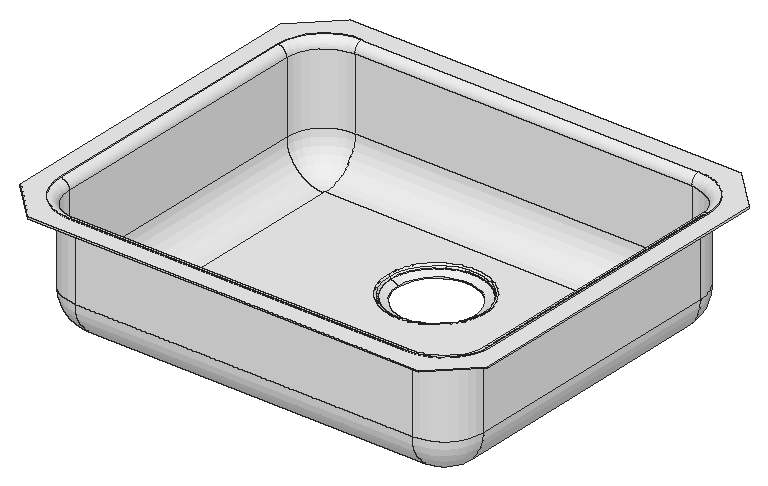
Revit family "ELUHAD191655", category Plumbing Fixtures, Revit 2019
Family settings
  Round Connector Dimension = Use Radius
  Part Type = Normal
  OmniClass Number = 23.45.05.14.14.27
  OmniClass Title = Service Sinks
  Work Plane-Based = No
  Always vertical = Yes
  Cut with Voids When Loaded = No
  Shared = No
  Room Calculation Point = No
Parameters (values of type "ELUHAD191655")
  URL = "www.elkayusa.com"
  Template Included = "Yes"
  Specification Sheet URL = ""
  Sound Deadening = "Bottom only pads"
  Sink Width = 1' - 6 1/2"
  Sink Material = Metal - Steel - Stainless - Chrome
  Sink Length = 1' - 9 1/2"
  Sink Ledge Sides Width = Sink Ledge Corner Width  # 0' - 1 1/4"
  Sink Ledge Front Width = Sink Ledge Corner Width  # 0' - 1 1/4"
  Sink Ledge Corner Width = 0' - 1 1/4"  # constant formula
  Sink Ledge Back Width = Sink Ledge Corner Width  # 0' - 1 1/4"
  Sink Dimensions = "21 1/2 inch x 18-1/2 inch x 5-3/8 inch"
  Sink Depth = 0' - 5 3/8"
  Sanitary Flow Rate = 10 GPM
  OmniClass Title = "Service Sinks"
  OmniClass Code = "23.45.05.14.14.27"
  Number of Bowls = "1"
  Nominal Radius = Nominal Dia / 2  # 0' - 0 3/4"
  Nominal Dia = 0' - 1 1/2"
  Mounting Hardware = "Undermount brackets sold separately"
  Model Number = ""
  Model = "Lustertone Undermount"
  Minimum Cabinet Size = "27 inch"
  Material = "304 Stainless Steel"
  MasterFormat Title = "Commercial Sinks"
  MasterFormat Number = "22.42.16.16"
  Manufacturer = "Elkay Manufacturing"
  Installation Type = "Undermount"
  Gauge = "18"
  Finish = "Lustrous Satin"
  Drain Size = "3-1/2 inch (89mm)"
  Drain Locations = "Rear Center"
  Drain Location = 0' - 5"
  Description = "Lustertone Single Bowl Sink"
  Deep Specification Sheet URL = ""
  Date Created = "10082021"  # constant formula
  Cutout Template # = "1000001424"
  CL Sink to CL Drain = 0' - 0"
  Bowl Width = (Sink Width - Sink Ledge Front Width - Sink Ledge Back Width)  # 1' - 4"
  Bowl Length = Sink Length - Sink Ledge Sides Width - Sink Ledge Sides Width  # 1' - 7"
  Bowl 1 Dimensions = "19 inch x 16 inch x 5-3/8 inch"
  Assembly Code = "D2010410"
Reference planes (in)
  plane 1 "CL Sink Hole": y = 3
  plane 2 "Top": z = 0
  plane 3 "Center (Left/Right)": x = 0
  plane 4 "Basin Edge Left": x = -9.5
  plane 5 "Basin Edge Right": x = 9.5
  plane 6 "Basin Edge Back": y = 8
  plane 7 "Basin Edge Front": y = -8
  plane 8 "Left": x = -10.75
  plane 9 "Right": x = 10.75
  plane 10 "Back": y = 9.25
  plane 11 "Front": y = -9.25
  plane 12 "Sink Angle Right": x = 8.28553
  plane 13 "Sink Angle Back": y = 6.78553
  plane 14 "Sink Angle Left": x = -8.28553
  plane 15 "Sink Angle Front": y = -6.78553
  plane 16 "Edge Radii Right": x = 9.92188
  plane 17 "Edge of Radii Left": x = -9.92187
  plane 18 "Sink Bowl Bottom (Top Face)": z = -5.375
  plane 19 "Sink Top Piece Bottom Face": z = -0.0625
  plane 20 "Top Radius Corner Prot": z = -0.42188
  plane 21: z = -3.6875
  plane 22 "Sink Bowl Bottom (Bottom Face)": z = -5.4375
  plane 23 "Left Sink Bottom Piece Left Edge": x = -7.8125
  plane 24 "Sink Bottom Piece Right Edge": x = 7.8125
  plane 25 "Sink Bottom Piece Back Edge": y = 6.3125
  plane 26 "Sink Bottom Piece Front Edge": y = -6.3125
  plane 27 "Center (Front/Back)": y = 0
  plane 28 "Bowl CL Drain": x = 0
  plane 29 "Edge Radii Front": y = -8.42188
  plane 30 "Right Sink Right Edge Radius": x = 7.75
  plane 31 "Front Edge Bottom Edge Radius": y = -6.25
  plane 32 "Back Edge Bottom Edge Radius": y = 6.25
  plane 33 "Edge Radii Back": y = 8.42187
  plane 34 "Left Bowl Bottom Edge Radius": x = -7.75
  plane 35 "Masking Region": z = 1.25157
  plane 36 "Sink Drain Elev Bottom": z = -6.875
  plane 37 "Sink Drain Elev Top": z = -6.625
  plane 38 "Top Radius Elev - 1-8": z = -0.10938
  plane 39 "Top Radius 1-8 Front": y = -8.10938
  plane 40 "Top Radius 1-8 Left": x = -9.60937
  plane 41 "Top Radius 1-8 Right": x = 9.60938
  plane 42 "Top Radius 1-8 Back": y = 8.10937
  plane 43 "Inside Radius Tangent Right": x = 8.47487
  plane 44 "Inside Radius Tangent Back": y = 6.97487
  plane 45 "Inside Radius Tangent Front": y = -6.97487
  plane 46 "Inside Radius Tangent Left": x = -8.47487
Forms (in)
  Extrusion 1, solid, material "Metal - Steel - Stainless - Chrome" <- "Sink Material"
    sketch origin (0, 0, 0) x (1, 0, 0) y (0, 1, 0)
      loop
        line (10.75, 7.49264) -> (8.99264, 9.25) -> (-8.99264, 9.25) -> (-10.75, 7.49264) -> (-10.75, -7.49264) -> (-8.99264, -9.25) -> (8.99264, -9.25) -> (10.75, -7.49264) -> (10.75, 7.49264)
      loop
        arc (-7.75, 8.42187) -> (-9.28575, 7.78575) -> (-9.92187, 6.25) r 2.17187
        line (-9.92187, 6.25) -> (-9.92188, -6.25)
        arc (-9.92188, -6.25) -> (-9.28575, -7.78575) -> (-7.75, -8.42188) r 2.17188
        line (-7.75, -8.42188) -> (7.75, -8.42188)
        arc (7.75, -8.42188) -> (9.28575, -7.78575) -> (9.92188, -6.25) r 2.17188
        line (9.92188, -6.25) -> (9.92188, 6.25)
        arc (9.92188, 6.25) -> (9.28575, 7.78575) -> (7.75, 8.42187) r 2.17188
        line (7.75, 8.42187) -> (-7.75, 8.42187)
    from -0.0625 to 0
  Extrusion 2, solid, material "Metal - Steel - Stainless - Chrome" <- "Sink Material"
    sketch origin (0, 0, 0) x (1, 0, 0) y (0, 1, 0)
      loop
        arc (-7.75, 6.3125) -> (-7.79419, 6.29419) -> (-7.8125, 6.25) r 0.0625
        line (-7.8125, 6.25) -> (-7.8125, -6.25)
        arc (-7.8125, -6.25) -> (-7.79419, -6.29419) -> (-7.75, -6.3125) r 0.0625
        line (-7.75, -6.3125) -> (7.75, -6.3125)
        arc (7.75, -6.3125) -> (7.79419, -6.29419) -> (7.8125, -6.25) r 0.0625
        line (7.8125, -6.25) -> (7.8125, 6.25)
        arc (7.8125, 6.25) -> (7.79419, 6.29419) -> (7.75, 6.3125) r 0.0625
        line (7.75, 6.3125) -> (-7.75, 6.3125)
      loop
        circle (0, 3) r 2.25
    from -5.4375 to -5.375
  Sweep 3, solid, material "Metal - Steel - Stainless - Chrome" <- "Sink Material"
    path origin (14.75, 0, -5.375) x (-1, 0, 0) y (0, -1, 0)
      loop
        circle (14.75, -3) r 2.25
    profile "profile-elkay-sink-hole-3 : profile-elkay-sink-hole-3" origin (0, 0.75, -5.375) x (0, 1, 0) y (0, 0, 1)
      loop
        line (0.5, -0.29111) -> (0.15646, -0.13437)
        arc (0.15646, -0.13437) -> (0.14249, -0.12559) -> (0.13131, -0.11346) r 0.0625
        line (0.13131, -0.11346) -> (0.08817, -0.05226)
        arc (0.08817, -0.05226) -> (0.05064, -0.01507) -> (0, 0) r 0.1086
        line (0, 0) -> (0, -0.04618)
        arc (0, -0.04618) -> (0.02621, -0.05419) -> (0.04646, -0.07265) r 0.0625
        line (0.04646, -0.07265) -> (0.09341, -0.13969)
        arc (0.09341, -0.13969) -> (0.11294, -0.16097) -> (0.13739, -0.17634) r 0.1086
        line (0.13739, -0.17634) -> (0.5, -0.34178) -> (0.5, -0.29111)
  Sweep 4, solid, material "Metal - Steel - Stainless - Chrome" <- "Sink Material"
    path origin (0, 0, 0) x (1, 0, 0) y (0, 1, 0)
      loop
        line (-7.75, -8) -> (7.75, -8)
        arc (7.75, -8) -> (8.98744, -7.48744) -> (9.5, -6.25) r 1.75
        line (9.5, -6.25) -> (9.5, 6.25)
        arc (9.5, 6.25) -> (8.98744, 7.48744) -> (7.75, 8) r 1.75
        line (7.75, 8) -> (-7.75, 8)
        arc (-7.75, 8) -> (-8.98744, 7.48744) -> (-9.5, 6.25) r 1.75
        line (-9.5, 6.25) -> (-9.5, -6.25)
        arc (-9.5, -6.25) -> (-8.98744, -7.48744) -> (-7.75, -8) r 1.75
    profile origin (0, -8, 0) x (0, 1, 0) y (0, 0, 1)
      loop
        arc (0, -0.42187) -> (-0.12356, -0.12356) -> (-0.42187, 0) r 0.42188
        line (-0.42187, 0) -> (-0.42187, -0.0625)
        arc (-0.42187, -0.0625) -> (-0.16776, -0.16776) -> (-0.0625, -0.42187) r 0.35938
        line (-0.0625, -0.42187) -> (-0.0625, -3.6875)
        arc (-0.0625, -3.6875) -> (0.45006, -4.92494) -> (1.6875, -5.4375) r 1.75
        line (1.6875, -5.4375) -> (1.6875, -5.375)
        arc (1.6875, -5.375) -> (0.49426, -4.88074) -> (0, -3.6875) r 1.6875
        line (0, -3.6875) -> (0, -0.42187)
  Extrusion 5, solid, material "Glass", not visible
    sketch origin (0, 0, -6.625) x (0, -1, 0) y (1, 0, 0)
      loop
        circle (-3, 0) r 0.75
    from -0.25 to 0
Cuts and joins
  joined: Extrusion 2, Sweep 3, Sweep 4
Lines and regions (in)
  Masking region 1
    outline origin (0, 0, 0) x (1, 0, 0) y (0, 1, 0)
      loop
        line (-9.92187, 6.25) -> (-9.92188, -6.25)
        arc (-9.92188, -6.25) -> (-9.28575, -7.78575) -> (-7.75, -8.42188) r 2.17188
        line (-7.75, -8.42188) -> (7.75, -8.42188)
        arc (7.75, -8.42188) -> (9.28575, -7.78575) -> (9.92188, -6.25) r 2.17188
        line (9.92188, -6.25) -> (9.92188, 6.25)
        arc (9.92188, 6.25) -> (9.28575, 7.78575) -> (7.75, 8.42187) r 2.17188
        line (7.75, 8.42187) -> (-7.75, 8.42187)
        arc (-7.75, 8.42187) -> (-9.28575, 7.78575) -> (-9.92187, 6.25) r 2.17187
  reference lines, not visible
    curve 1: arc (-0.625, 3, -3.6875) -> (-1.11926, 3, -4.88074) -> (-2.3125, 3, -5.375) r 1.6875
    curve 2: arc (-9.5, 3, -3.6875) -> (-9.00574, 3, -4.88074) -> (-7.8125, 3, -5.375) r 1.6875
    curve 3: arc (-0.625, 3, -0.42188) -> (-0.50144, 3, -0.12356) -> (-0.20313, 3, 0) r 0.42188
    curve 4: arc (0, -6.3125, -5.375) -> (0, -7.50574, -4.88074) -> (0, -8, -3.6875) r 1.6875
    curve 5: arc (0, -8, -0.42188) -> (0, -8.12356, -0.12356) -> (0, -8.42188, 0) r 0.42188
    curve 6: arc (7.8125, 6.25, 0) -> (7.79419, 6.29419, 0) -> (7.75, 6.3125, 0) r 0.0625
    curve 7: arc (7.8125, -6.25, 0) -> (7.79419, -6.29419, 0) -> (7.75, -6.3125, 0) r 0.0625
    curve 8: arc (9.5, 6.25, 1.25157) -> (8.98744, 7.48744, 1.25157) -> (7.75, 8, 1.25157) r 1.75
    curve 9: arc (9.5, -6.25, 1.25157) -> (8.98744, -7.48744, 1.25157) -> (7.75, -8, 1.25157) r 1.75
    curve 12: arc (-7.75, -6.3125, 0) -> (-7.79419, -6.29419, 0) -> (-7.8125, -6.25, 0) r 0.0625
    curve 13: arc (-7.75, 6.3125, 0) -> (-7.79419, 6.29419, 0) -> (-7.8125, 6.25, 0) r 0.0625
    curve 16: arc (-8.942, 7.53126, 1.25157) -> (-9.35445, 6.94875, 1.25157) -> (-9.5, 6.25, 1.25157) r 1.75
    curve 17: arc (-9.5, -6.25, 1.25157) -> (-8.98744, -7.48744, 1.25157) -> (-7.75, -8, 1.25157) r 1.75
    curve 18: circle (0, 3, -6.875) r 0.75 normal (0, 0, 1)
    curve 20: circle (0, 3, -5.375) r 1.75 normal (0, 0, 1)
    curve 29: arc (-7.75, 9.125, 1.25157) -> (-9.78293, 8.28293, 1.25157) -> (-10.625, 6.25, 1.25157) r 2.875
    curve 30: arc (10.25, 6.25, 1.25157) -> (9.51777, 8.01777, 1.25157) -> (7.75, 8.75, 1.25157) r 2.5
    curve 31: line (-8.47487, 8, 0) -> (-9.5, 6.97487, 0)
    curve 32: line (8.47487, 8, 0) -> (9.5, 6.97487, 0)
    curve 33: line (8.59745, 9.64519, 0) -> (11.19376, 7.04888, 0)
    curve 34: line (9.5, -6.97487, 0) -> (8.47487, -8, 0)
    curve 35: line (11.16329, -7.07936, 0) -> (8.61612, -9.62652, 0)
    curve 36: line (-9.5, -6.97487, 0) -> (-8.47487, -8, 0)
    curve 37: line (-11.34102, -6.90163, 0) -> (-8.89647, -9.34617, 0)
    curve 38: line (-8.54997, 9.69267, 0) -> (-11.15098, 7.09166, 0)
  reference lines
    curve 10: arc (9.92188, 6.25, 0) -> (9.28575, 7.78575, 0) -> (7.75, 8.42187, 0) r 2.17188
    curve 11: arc (-7.75, -8.42188, 0) -> (-9.28575, -7.78575, 0) -> (-9.92188, -6.25, 0) r 2.17188
    curve 14: arc (-7.75, 8.42187, 0) -> (-9.28575, 7.78575, 0) -> (-9.92187, 6.25, 0) r 2.17187
    curve 15: arc (9.92188, -6.25, 0) -> (9.28575, -7.78575, 0) -> (7.75, -8.42188, 0) r 2.17188
    curve 19: circle (0, 3, -5.375) r 2.25 normal (0, 0, 1)
    curve 21: circle (0, 3, -5.375) r 2.25 normal (0, 0, 1)
    curve 24: arc (0, -8, -0.10938) -> (0, -8.03204, -0.03204) -> (0, -8.10938, 0) r 0.10938
    curve 25: arc (9.60938, 6.25, 0) -> (9.06478, 7.56478, 0) -> (7.75, 8.10937, 0) r 1.85938
    curve 26: arc (-7.75, 8.10937, 0) -> (-9.06478, 7.56478, 0) -> (-9.60937, 6.25, 0) r 1.85938
    curve 27: arc (-7.75, -8.10938, 0) -> (-9.06478, -7.56478, 0) -> (-9.60938, -6.25, 0) r 1.85938
    curve 28: arc (9.60938, -6.25, 0) -> (9.06478, -7.56478, 0) -> (7.75, -8.10938, 0) r 1.85938
  symbolic lines, style "Sinks"
    curve 22: circle (0, 3, -5.375) r 2.25 normal (0, 0, 1)
    curve 23: circle (0, 3, -5.375) r 1.75 normal (0, 0, 1)
    curve 39: line (-7.75, 8, 0) -> (7.75, 8, 0)
    curve 40: line (9.5, 6.25, 0) -> (9.5, -6.25, 0)
    curve 41: line (-7.75, -8, 0) -> (7.75, -8, 0)
    curve 42: line (-9.5, 6.25, 0) -> (-9.5, -6.25, 0)
    curve 43: arc (9.5, 6.25, 0) -> (8.98744, 7.48744, 0) -> (7.75, 8, 0) r 1.75
    curve 44: arc (-7.75, 8, 0) -> (-8.98744, 7.48744, 0) -> (-9.5, 6.25, 0) r 1.75
    curve 45: arc (-9.5, -6.25, 0) -> (-8.98744, -7.48744, 0) -> (-7.75, -8, 0) r 1.75
    curve 46: arc (9.5, -6.25, 0) -> (8.98744, -7.48744, 0) -> (7.75, -8, 0) r 1.75
Dimensions and locks (in)
  "Sink Ledge Sides Width": plane 8 "Left" to plane 4 "Basin Edge Left"
  "Sink Ledge Sides Width": plane 5 "Basin Edge Right" to plane 9 "Right"
  "Sink Length": plane 8 "Left" to plane 9 "Right"
  "Drain Location": plane 6 "Basin Edge Back" to plane 1 "CL Sink Hole"
  "Sink Ledge Back Width": plane 10 "Back" to plane 6 "Basin Edge Back"
  "Sink Ledge Front Width": plane 7 "Basin Edge Front" to plane 11 "Front"
  plane 12 "Sink Angle Right" to plane 9 "Right" = 0' - 2.46447"
  plane 10 "Back" to plane 13 "Sink Angle Back" = 0' - 2.46447"
  plane 8 "Left" to plane 14 "Sink Angle Left" = 0' - 2.46447"
  plane 15 "Sink Angle Front" to plane 11 "Front" = 0' - 2.46447"
  "Sink Width": plane 10 "Back" to plane 11 "Front"
  locked: plane 17 "Edge of Radii Left" to plane 4 "Basin Edge Left" at 0.42188
  locked: plane 26 "Sink Bottom Piece Front Edge" to plane 7 "Basin Edge Front" at 1.6875
  locked: plane 4 "Basin Edge Left" to plane 23 "Left Sink Bottom Piece Left Edge" at 1.6875
  locked: plane 24 "Sink Bottom Piece Right Edge" to plane 5 "Basin Edge Right" at 1.6875
  locked: plane 6 "Basin Edge Back" to plane 25 "Sink Bottom Piece Back Edge" at 1.6875
  locked: plane 5 "Basin Edge Right" to plane 16 "Edge Radii Right" at 0.42188
  equal spacing: plane 10 "Back", plane 27 "Center (Front/Back)", plane 11 "Front"
  equal spacing: plane 8 "Left", plane 3 "Center (Left/Right)", plane 9 "Right"
  "CL Sink to CL Drain": plane 3 "Center (Left/Right)" to plane 28 "Bowl CL Drain"
  locked: plane 30 "Right Sink Right Edge Radius" to plane 24 "Sink Bottom Piece Right Edge" at 0.0625
  locked: plane 31 "Front Edge Bottom Edge Radius" to plane 26 "Sink Bottom Piece Front Edge" at 0.0625
  locked: plane 25 "Sink Bottom Piece Back Edge" to plane 32 "Back Edge Bottom Edge Radius" at 0.0625
  locked: plane 33 "Edge Radii Back" to plane 6 "Basin Edge Back" at 0.42188
  locked: plane 7 "Basin Edge Front" to plane 29 "Edge Radii Front" at 0.42187
  locked: plane 23 "Left Sink Bottom Piece Left Edge" to plane 34 "Left Bowl Bottom Edge Radius" at 0.0625
  "Sink Depth": plane 2 "Top" to plane 18 "Sink Bowl Bottom (Top Face)"
  locked: plane 2 "Top" to plane 20 "Top Radius Corner Prot" at 0.42188
  locked: plane 2 "Top" to plane 19 "Sink Top Piece Bottom Face" at 0.0625
  locked: plane 21 to plane 18 "Sink Bowl Bottom (Top Face)" at 1.6875
  locked: plane 18 "Sink Bowl Bottom (Top Face)" to plane 22 "Sink Bowl Bottom (Bottom Face)" at 0.0625
  locked: plane 35 "Masking Region" to plane 2 "Top" at 1.25157
  locked: plane 18 "Sink Bowl Bottom (Top Face)" to plane 36 "Sink Drain Elev Bottom" at 1.5
  locked: plane 37 "Sink Drain Elev Top" to plane 36 "Sink Drain Elev Bottom" at 0.25
  locked: plane 39 "Top Radius 1-8 Front" to plane 7 "Basin Edge Front" at 0.10938
  locked: plane 2 "Top" to plane 38 "Top Radius Elev - 1-8" at 0.10938
  locked: plane 40 "Top Radius 1-8 Left" to plane 4 "Basin Edge Left" at 0.10938
  locked: plane 5 "Basin Edge Right" to plane 41 "Top Radius 1-8 Right" at 0.10938
  locked: plane 42 "Top Radius 1-8 Back" to plane 6 "Basin Edge Back" at 0.10938
  locked: plane 32 "Back Edge Bottom Edge Radius" to plane 44 "Inside Radius Tangent Back" at 0.72487
  locked: plane 30 "Right Sink Right Edge Radius" to plane 43 "Inside Radius Tangent Right" at 0.72487
  locked: plane 45 "Inside Radius Tangent Front" to plane 31 "Front Edge Bottom Edge Radius" at 0.72487
  locked: plane 46 "Inside Radius Tangent Left" to plane 34 "Left Bowl Bottom Edge Radius" at 0.72487
  "Sink Ledge Corner Width": curve 32 to curve 33
  "Sink Ledge Corner Width": curve 34 to curve 35
  "Sink Ledge Corner Width": curve 37 to curve 36
  "Sink Ledge Corner Width": curve 38 to curve 31
  plane 10 "Back" to plane 11 "Front" = 1' - 6 1/2"
  plane 8 "Left" to plane 9 "Right" = 1' - 9 1/2"
  "Nominal Radius": radius of curve 18
  aligned: Extrusion 1 to plane 19 "Sink Top Piece Bottom Face"
  aligned: Extrusion 2 to plane 18 "Sink Bowl Bottom (Top Face)"
  aligned and locked: Extrusion 2 to plane 22 "Sink Bowl Bottom (Bottom Face)"
  aligned and locked: plane 18 "Sink Bowl Bottom (Top Face)" to Extrusion 2
  aligned and locked: Extrusion 2 sketch curve to curve 7
  aligned and locked: Extrusion 2 sketch curve to curve 6
  aligned and locked: Sweep 4 sketch curve to curve 8
  aligned and locked: Sweep 4 sketch curve to curve 9
  aligned and locked: Sweep 4 sketch curve to curve 4
  aligned and locked: Extrusion 1 sketch curve to plane 9 "Right"
  aligned and locked: Extrusion 1 sketch curve to plane 10 "Back"
  aligned and locked: Extrusion 1 sketch curve to plane 8 "Left"
  aligned and locked: Extrusion 1 sketch curve to plane 11 "Front"
  aligned and locked: plane 2 "Top" to Extrusion 1
  aligned and locked: Extrusion 1 to plane 19 "Sink Top Piece Bottom Face"
  aligned and locked: Extrusion 5 sketch curve to curve 18
  aligned and locked: Extrusion 5 to plane 36 "Sink Drain Elev Bottom"
  aligned and locked: plane 37 "Sink Drain Elev Top" to Extrusion 5
  aligned and locked: Sweep 4 sketch curve to curve 16
  aligned and locked: Sweep 4 sketch curve to curve 17
  aligned and locked: Extrusion 2 sketch curve to curve 13
  aligned and locked: Extrusion 2 sketch curve to curve 12
  aligned and locked: Sweep 3 sketch curve to curve 19
  aligned and locked: Extrusion 2 sketch curve to curve 19
  aligned and locked: curve 22 to curve 21
  aligned and locked: curve 23 to curve 20
  aligned and locked: curve 33 to Extrusion 1 sketch curve
  aligned and locked: curve 35 to Extrusion 1 sketch curve
  aligned and locked: curve 37 to Extrusion 1 sketch curve
  aligned and locked: curve 38 to Extrusion 1 sketch curve
  aligned and locked: Masking region 1 sketch curve to curve 10
  aligned and locked: Masking region 1 sketch curve to curve 14
  aligned and locked: Masking region 1 sketch curve to curve 11
  aligned and locked: Masking region 1 sketch curve to curve 15
  aligned and locked: curve 43 to curve 8
  aligned and locked: curve 44 to curve 16
  aligned and locked: curve 45 to curve 17
  aligned and locked: curve 46 to curve 9
  aligned and locked: Sweep 4 sketch curve to curve 5
  aligned and locked: Sweep 4 sketch curve to plane 29 "Edge Radii Front"
  aligned and locked: Extrusion 1 sketch curve to curve 14
  aligned and locked: Extrusion 1 sketch curve to curve 11
  aligned and locked: Extrusion 1 sketch curve to curve 15
  aligned and locked: Extrusion 1 sketch curve to curve 10
Automatic sketch dimensions
  curve 2 to plane 4 "Basin Edge Left" = 0' - 0"
  curve 2 to plane 21 = 0' - 0"
  curve 2 to plane 23 "Left Sink Bottom Piece Left Edge" = 0' - 0"
  curve 1 to plane 18 "Sink Bowl Bottom (Top Face)" = 0' - 0"
  curve 3 to plane 20 "Top Radius Corner Prot" = 0' - 0"
  curve 1 to plane 21 = 0' - 0"
  plane 1 "CL Sink Hole" to curve 18 = 0' - 0"
  curve 18 to plane 28 "Bowl CL Drain" = 0' - 0"
  curve 3 to level = 0' - 0"
  curve 1 to plane 3 "Center (Left/Right)" = 0' - 2 5/16"
  curve 3 to plane 3 "Center (Left/Right)" = 0' - 0 5/8"
  curve 19 to curve 20 = 0' - 0"  (x2)
  curve 19 to curve 21 = 0' - 0"  (x2)
  curve 20 to curve 21 = 0' - 0"  (x2)
  plane 1 "CL Sink Hole" to curve 20 = 0' - 0"
  curve 20 to plane 28 "Bowl CL Drain" = 0' - 0"
  curve 8 to plane 5 "Basin Edge Right" = 0' - 0"
  curve 16 to plane 4 "Basin Edge Left" = 0' - 0"
  curve 17 to plane 4 "Basin Edge Left" = 0' - 0"
  curve 9 to plane 5 "Basin Edge Right" = 0' - 0"
  curve 5 to level = 0' - 0"
  curve 5 to plane 29 "Edge Radii Front" = 0' - 0"
  curve 24 to plane 38 "Top Radius Elev - 1-8" = 0' - 0"
  curve 24 to plane 39 "Top Radius 1-8 Front" = 0' - 0"
  curve 5 to plane 7 "Basin Edge Front" = 0' - 0"
  curve 4 to plane 7 "Basin Edge Front" = 0' - 0"
  curve 24 to plane 7 "Basin Edge Front" = 0' - 0"
  curve 4 to plane 21 = 0' - 0"
  curve 4 to plane 26 "Sink Bottom Piece Front Edge" = 0' - 0"
  Sweep 4 sketch curve to Sweep 4 sketch curve = 0' - 0"  (x2)
  curve 8 to curve 30 = 0' - 0"  (x4)
  plane 5 "Basin Edge Right" to curve 30 = 0' - 0 3/4"
  curve 6 to curve 10 = 0' - 0"  (x2)
  curve 6 to curve 25 = 0' - 0"  (x2)
  curve 7 to curve 15 = 0' - 0"  (x2)
  curve 7 to curve 28 = 0' - 0"  (x2)
  curve 10 to curve 25 = 0' - 0"  (x2)
  curve 11 to curve 12 = 0' - 0"  (x2)
  curve 11 to curve 27 = 0' - 0"  (x2)
  curve 12 to curve 27 = 0' - 0"  (x2)
  curve 13 to curve 14 = 0' - 0"  (x2)
  curve 13 to curve 26 = 0' - 0"  (x2)
  curve 14 to curve 26 = 0' - 0"  (x2)
  curve 15 to curve 28 = 0' - 0"  (x2)
  curve 14 to plane 17 "Edge of Radii Left" = 0' - 0"
  curve 11 to plane 17 "Edge of Radii Left" = 0' - 0"
  plane 32 "Back Edge Bottom Edge Radius" to curve 26 = 0' - 0"
  curve 26 to plane 40 "Top Radius 1-8 Left" = 0' - 0"
  plane 31 "Front Edge Bottom Edge Radius" to curve 27 = 0' - 0"
  curve 27 to plane 40 "Top Radius 1-8 Left" = 0' - 0"
  curve 31 to plane 4 "Basin Edge Left" = 0' - 0"
  curve 36 to plane 4 "Basin Edge Left" = 0' - 0"
  curve 31 to plane 6 "Basin Edge Back" = 0' - 0"
  curve 31 to plane 46 "Inside Radius Tangent Left" = 0' - 0"
  curve 36 to plane 7 "Basin Edge Front" = 0' - 0"
  curve 36 to plane 46 "Inside Radius Tangent Left" = 0' - 0"
  curve 12 to plane 23 "Left Sink Bottom Piece Left Edge" = 0' - 0"
  curve 13 to plane 23 "Left Sink Bottom Piece Left Edge" = 0' - 0"
  curve 13 to plane 34 "Left Bowl Bottom Edge Radius" = 0' - 0"
  curve 12 to plane 26 "Sink Bottom Piece Front Edge" = 0' - 0"
  curve 25 to plane 30 "Right Sink Right Edge Radius" = 0' - 0"
  curve 15 to plane 29 "Edge Radii Front" = 0' - 0"
  curve 15 to plane 30 "Right Sink Right Edge Radius" = 0' - 0"
  curve 7 to plane 24 "Sink Bottom Piece Right Edge" = 0' - 0"
  curve 6 to plane 24 "Sink Bottom Piece Right Edge" = 0' - 0"
  curve 34 to plane 7 "Basin Edge Front" = 0' - 0"
  curve 34 to plane 43 "Inside Radius Tangent Right" = 0' - 0"
  curve 32 to plane 6 "Basin Edge Back" = 0' - 0"
  curve 32 to plane 43 "Inside Radius Tangent Right" = 0' - 0"
  curve 34 to plane 5 "Basin Edge Right" = 0' - 0"
  curve 32 to plane 5 "Basin Edge Right" = 0' - 0"
  plane 32 "Back Edge Bottom Edge Radius" to curve 25 = 0' - 0"
  curve 25 to plane 41 "Top Radius 1-8 Right" = 0' - 0"
  plane 31 "Front Edge Bottom Edge Radius" to curve 28 = 0' - 0"
  curve 28 to plane 41 "Top Radius 1-8 Right" = 0' - 0"
  curve 10 to plane 16 "Edge Radii Right" = 0' - 0"
  plane 45 "Inside Radius Tangent Front" to curve 34 = 0' - 0"
  plane 45 "Inside Radius Tangent Front" to curve 36 = 0' - 0"
  curve 32 to plane 44 "Inside Radius Tangent Back" = 0' - 0"
  curve 31 to plane 44 "Inside Radius Tangent Back" = 0' - 0"
  plane 44 "Inside Radius Tangent Back" to curve 38 = 0' - 0.11679"
  curve 37 to plane 45 "Inside Radius Tangent Front" = 0' - 0.07325"
  curve 37 to plane 11 "Front" = 0' - 0.09617"
  curve 38 to plane 46 "Inside Radius Tangent Left" = 0' - 0.0751"
  curve 33 to plane 43 "Inside Radius Tangent Right" = 0' - 0.12257"
  curve 35 to plane 43 "Inside Radius Tangent Right" = 0' - 0.14124"
  plane 45 "Inside Radius Tangent Front" to curve 35 = 0' - 0.10448"
  plane 44 "Inside Radius Tangent Back" to curve 33 = 0' - 0.074"
  curve 16 to curve 29 = 0' - 0"  (x2)
  plane 32 "Back Edge Bottom Edge Radius" to curve 16 = 0' - 0"
  curve 16 to plane 34 "Left Bowl Bottom Edge Radius" = 0' - 0"
  curve 16 to plane 46 "Inside Radius Tangent Left" = 0' - 0.46713"
  plane 8 "Left" to curve 29 = 0' - 0 1/8"
  plane 31 "Front Edge Bottom Edge Radius" to curve 17 = 0' - 0"
  curve 17 to plane 34 "Left Bowl Bottom Edge Radius" = 0' - 0"
  curve 9 to plane 7 "Basin Edge Front" = 0' - 0"
  curve 9 to plane 30 "Right Sink Right Edge Radius" = 0' - 0"
  curve 8 to plane 6 "Basin Edge Back" = 0' - 0"
  curve 8 to plane 30 "Right Sink Right Edge Radius" = 0' - 0"
  profile plane to Sweep 4 sketch curve = 0' - 0 1/16"
  radius of curve 19 = 0' - 2 1/4"
  radius of curve 20 = 0' - 1 3/4"
  radius of curve 21 = 0' - 2 1/4"
Connectors (in)
  piping at (0, 3, -6.625), diameter 1.5, driven by "Nominal Radius", driven by "Sanitary Flow Rate"
    settings: on Extrusion 5, index 2, connector inside diameter 1 1/2", connector length 0' - 0", flow factor 0, pipe flow 10 GPM, pressure drop 0.00 psi, fitting loss kfactor 0, connector angle 0.00°, fixture units 0, engagement length 0' - 0", angle of deflection 0.00°, flow configuration 1, flow direction 2, fitting loss method 0, system type 16, joint type 0, gender type 0, connector reference index -1, connector utility 0, adjustable connector yes, is connector primary yes, connector description "Sink Drain Right"
